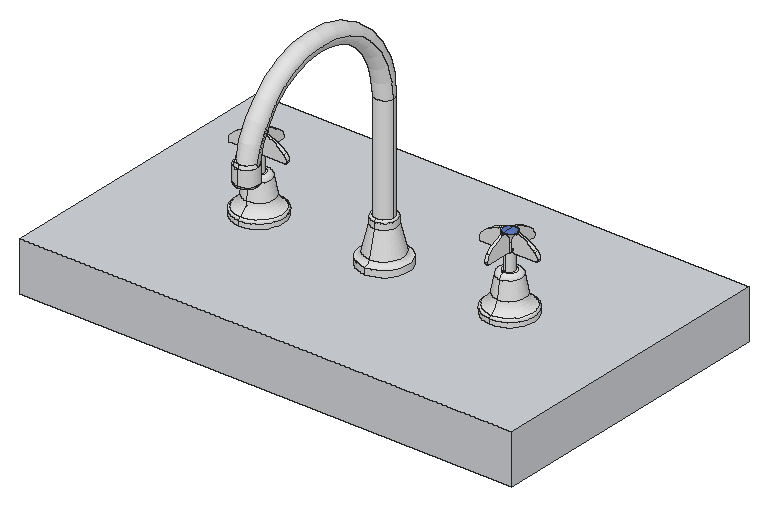
Revit family
Parameters (values of type "49841 (Ceramic Disc)")
  WELSRating_ANZRS = "5 star"
  URL = "www.galvinengineering.com.au"
  Type Comments = "Vendal Resistant"
  StyleOrType_ANZRS = "Plumbing Fixture"
  Seating = "1/2 Turn Ceramic Disc"
  PlumbingMaterial_ANZRS = Metal_Taps_DR-Brass-with-Chrome-Finish_10800
  Outlet = "Gooseneck Swivel Spout with Aerator"
  ModifiedIssue_ANZRS = 20120629.01  # constant formula
  Model = "49841"
  Manufacturer = "Galvin Engineering"
  Keynote = "15400"
  Instructions = "http://www.galvinengineering.com.au/Installation_Guides_1.aspx"
  Inlet = "15mm BSP"
  FlowRate = 0.10 L/s
  FilterObject_ANZRS = "Vendal Resistant"
  DimWidth = 255 mm  # constant formula
  DimInletRadius = 7.5 mm  # constant formula
  DimHeight = 250 mm  # constant formula
  DimDepth = 175 mm  # constant formula
  Description = "Vandal Resistant Hob Sink Set - Ceramic Disc"
  Default Elevation = 900 mm
  CreatedBy_ANZRS = "Galvin Engineering"  # constant formula
  CreatedByURL_ANZRS = "www.galvinengineering.com.au"
  CreatedByPhoneNo_ANZRS = "61-8-92495900"  # constant formula
  Assembly Code = "D2010"
Types (3, lengths in mm): name | Seating | Model | Description
  (no name) | "1/2 Turn Ceramic Disc" | "49841" | "Vandal Resistant Hob Sink Set - Ceramic Disc"
  49940 (Jumper Valve) | "Jumper Valve" | "49940" | "Vandal Resistant Hob Sink Set - Jumper Valve"
  49841 (Ceramic Disc) | "1/2 Turn Ceramic Disc" | "49841" | "Vandal Resistant Hob Sink Set - Ceramic Disc"
Reference planes
  plane 1 "Back": y = 0
  plane 2 "Face": z = 0
  plane 3 "Center (Left/Right)": x = 0
  plane 4 "Left": x = -127.5
  plane 5 "Right": x = 127.5
  plane 6 "Top": z = 250
  plane 7 "Front": y = -175
  plane 8: z = 150
Forms (mm)
  Extrusion 1, solid
    sketch origin (0, -719.2, 0) x (1, 0, 0) y (0, 1, 0)
      loop
        line (-250, 869.2) -> (-250, 569.2) -> (250, 569.2) -> (250, 869.2) -> (-250, 869.2)
    from 0 to -50
  Revolve 2, solid, material "Metal_Taps_DR-Brass-with-Chrome-Finish_10800" <- "PlumbingMaterial_ANZRS"
    sketch origin (-127.5, 0, 0) x (0, 1, 0) y (0, 0, 1)
      loop
        line (0, 74.436) -> (-7.407, 74.436)
        arc (-7.407, 74.436) -> (-3.989, 70.707) -> (-2.75, 65.802) r 10.333
        line (-2.75, 65.802) -> (-2.75, 56.036) -> (-4.919, 56.036) -> (-4.919, 39) -> (-7.33, 39)
        arc (-7.33, 39) -> (-10.552, 37.823) -> (-12.258, 34.846) r 5
        line (-12.258, 34.846) -> (-15.129, 18.129)
        arc (-15.129, 18.129) -> (-17.907, 11.675) -> (-23.319, 7.195) r 15
        arc (-23.319, 7.195) -> (-24.545, 6.088) -> (-25, 4.5) r 3
        line (-25, 4.5) -> (-25, 0) -> (0, 0) -> (0, 74.436)
      axis (0, 0) -> (0, 74.436)
    angle from 0 to 360
  Extrusion 3, solid, material "Metal_Taps_DR-Brass-with-Chrome-Finish_10800" <- "PlumbingMaterial_ANZRS"
    sketch origin (-127.5, 0, 0) x (0, 1, 0) y (0, 0, 1)
      loop
        line (-27.98, 56.036) -> (28.02, 56.036)
        arc (28.02, 56.036) -> (29.11, 56.505) -> (29.518, 57.62) r 1.5
        arc (29.518, 57.62) -> (28.88, 61.161) -> (26.905, 64.169) r 9
        arc (26.905, 64.169) -> (19.204, 70.219) -> (10.263, 74.216) r 40
        arc (10.263, 74.216) -> (9.538, 74.381) -> (8.796, 74.436) r 5
        line (8.796, 74.436) -> (-8.62, 74.436)
        arc (-8.62, 74.436) -> (-9.363, 74.38) -> (-10.09, 74.215) r 5
        arc (-10.09, 74.215) -> (-19.14, 70.144) -> (-26.909, 63.971) r 40
        arc (-26.909, 63.971) -> (-28.831, 61.029) -> (-29.479, 57.576) r 9
        arc (-29.479, 57.576) -> (-29.054, 56.49) -> (-27.98, 56.036) r 1.5
    from -1.5 to 1.5
  Revolve 4, solid, material "Plastic_Taps_Red_10800"
    sketch origin (-127.5, 0, 0) x (0, 1, 0) y (0, 0, 1)
      loop
        line (0, 74.436) -> (0, 75.522)
        spline (0, 75.522) -> (-0.816, 75.513) -> (-1.618, 75.485) -> (-2.392, 75.44) -> (-3.125, 75.377) -> (-3.805, 75.298) -> (-4.419, 75.204) -> (-4.958, 75.097) -> (-5.413, 74.979) -> (-5.774, 74.852) -> (-6.037, 74.717) -> (-6.197, 74.578) -> (-6.25, 74.436)
        line (-6.25, 74.436) -> (0, 74.436)
      axis (0, 74.436) -> (0, 75.522)
    angle from 0 to 360
  Extrusion 5, solid, material "Metal_Taps_DR-Brass-with-Chrome-Finish_10800" <- "PlumbingMaterial_ANZRS"
    sketch origin (0, 0, 0) x (1, 0, 0) y (0, 0, 1)
      loop
        arc (-99.501, 56.036) -> (-98.426, 56.49) -> (-98.001, 57.576) r 1.5
        arc (-98.001, 57.576) -> (-98.65, 61.029) -> (-100.571, 63.971) r 9
        arc (-100.571, 63.971) -> (-108.341, 70.144) -> (-117.391, 74.215) r 40
        arc (-117.391, 74.215) -> (-118.117, 74.38) -> (-118.86, 74.436) r 5
        line (-118.86, 74.436) -> (-136.277, 74.436)
        arc (-136.277, 74.436) -> (-137.018, 74.381) -> (-137.743, 74.216) r 5
        arc (-137.743, 74.216) -> (-146.684, 70.219) -> (-154.385, 64.169) r 40
        arc (-154.385, 64.169) -> (-156.36, 61.161) -> (-156.999, 57.62) r 9
        arc (-156.999, 57.62) -> (-156.591, 56.505) -> (-155.501, 56.036) r 1.5
        line (-155.501, 56.036) -> (-99.501, 56.036)
    from -1.5 to 1.5
  Revolve 6, solid, material "Metal_Taps_DR-Brass-with-Chrome-Finish_10800" <- "PlumbingMaterial_ANZRS"
    sketch origin (127.5, 0, 0) x (0, 1, 0) y (0, 0, -1)
      loop
        line (0, -74.436) -> (0, 0) -> (-25, 0) -> (-25, -4.5)
        arc (-25, -4.5) -> (-24.545, -6.088) -> (-23.319, -7.195) r 3
        arc (-23.319, -7.195) -> (-17.907, -11.675) -> (-15.129, -18.129) r 15
        line (-15.129, -18.129) -> (-12.258, -34.846)
        arc (-12.258, -34.846) -> (-10.552, -37.823) -> (-7.33, -39) r 5
        line (-7.33, -39) -> (-4.919, -39) -> (-4.919, -56.036) -> (-2.75, -56.036) -> (-2.75, -65.802)
        arc (-2.75, -65.802) -> (-3.989, -70.707) -> (-7.407, -74.436) r 10.333
        line (-7.407, -74.436) -> (0, -74.436)
      axis (0, 0) -> (0, -74.436)
    angle from 0 to 360
  Extrusion 7, solid, material "Metal_Taps_DR-Brass-with-Chrome-Finish_10800" <- "PlumbingMaterial_ANZRS"
    sketch origin (127.5, 0, 0) x (0, 1, 0) y (0, 0, -1)
      loop
        arc (-27.98, -56.036) -> (-29.054, -56.49) -> (-29.479, -57.576) r 1.5
        arc (-29.479, -57.576) -> (-28.831, -61.029) -> (-26.909, -63.971) r 9
        arc (-26.909, -63.971) -> (-19.14, -70.144) -> (-10.09, -74.215) r 40
        arc (-10.09, -74.215) -> (-9.363, -74.38) -> (-8.62, -74.436) r 5
        line (-8.62, -74.436) -> (8.796, -74.436)
        arc (8.796, -74.436) -> (9.538, -74.381) -> (10.263, -74.216) r 5
        arc (10.263, -74.216) -> (19.204, -70.219) -> (26.905, -64.169) r 40
        arc (26.905, -64.169) -> (28.88, -61.161) -> (29.518, -57.62) r 9
        arc (29.518, -57.62) -> (29.11, -56.505) -> (28.02, -56.036) r 1.5
        line (28.02, -56.036) -> (-27.98, -56.036)
    from -1.5 to 1.5
  Revolve 8, solid, material "Plastic_Taps_Blue_10800"
    sketch origin (127.5, 0, 0) x (0, 1, 0) y (0, 0, -1)
      loop
        line (0, -74.436) -> (-6.25, -74.436)
        spline (-6.25, -74.436) -> (-6.197, -74.578) -> (-6.037, -74.717) -> (-5.774, -74.852) -> (-5.413, -74.979) -> (-4.958, -75.097) -> (-4.419, -75.204) -> (-3.805, -75.298) -> (-3.125, -75.377) -> (-2.392, -75.44) -> (-1.618, -75.485) -> (-0.816, -75.513) -> (0, -75.522)
        line (0, -75.522) -> (0, -74.436)
      axis (0, -74.436) -> (0, -75.522)
    angle from 0 to 360
  Extrusion 9, solid, material "Metal_Taps_DR-Brass-with-Chrome-Finish_10800" <- "PlumbingMaterial_ANZRS"
    sketch origin (0, 0, 0) x (-1, 0, 0) y (0, 0, -1)
      loop
        line (-99.501, -56.036) -> (-155.501, -56.036)
        arc (-155.501, -56.036) -> (-156.591, -56.505) -> (-156.999, -57.62) r 1.5
        arc (-156.999, -57.62) -> (-156.36, -61.161) -> (-154.385, -64.169) r 9
        arc (-154.385, -64.169) -> (-146.684, -70.219) -> (-137.743, -74.216) r 40
        arc (-137.743, -74.216) -> (-137.018, -74.381) -> (-136.277, -74.436) r 5
        line (-136.277, -74.436) -> (-118.86, -74.436)
        arc (-118.86, -74.436) -> (-118.117, -74.38) -> (-117.391, -74.215) r 5
        arc (-117.391, -74.215) -> (-108.341, -70.144) -> (-100.571, -63.971) r 40
        arc (-100.571, -63.971) -> (-98.65, -61.029) -> (-98.001, -57.576) r 9
        arc (-98.001, -57.576) -> (-98.426, -56.49) -> (-99.501, -56.036) r 1.5
    from -1.5 to 1.5
  Revolve 10, solid, material "Metal_Taps_DR-Brass-with-Chrome-Finish_10800" <- "PlumbingMaterial_ANZRS"
    sketch origin (0, 0, 0) x (0, 1, 0) y (0, 0, 1)
      loop
        line (0, 44.5) -> (-10, 44.5)
        arc (-10, 44.5) -> (-11.414, 43.914) -> (-12, 42.5) r 2
        line (-12, 42.5) -> (-12, 36.5) -> (-18.433, 11.031)
        arc (-18.433, 11.031) -> (-20.563, 7.766) -> (-24.25, 6.5) r 6
        line (-24.25, 6.5) -> (-24.25, 0) -> (0, 0) -> (0, 44.5)
      axis (0, 0) -> (0, 44.5)
    angle from 0 to 360
  Sweep 11, solid, material "Metal_Taps_DR-Brass-with-Chrome-Finish_10800" <- "PlumbingMaterial_ANZRS"
    path origin (0, 0, 0) x (0, 1, 0) y (0, 0, 1)
      loop
        arc (-173.873, 167) -> (-80.477, 240.218) -> (0, 153) r 87.5
        line (0, 153) -> (0, 44.5)
    profile origin (0, 0, 98.75) x (1, 0, 0) y (0, 1, 0)
      loop
        circle (0, 0) r 9.5
  Revolve 12, solid, material "Metal_Taps_DR-Brass-with-Chrome-Finish_10800" <- "PlumbingMaterial_ANZRS"
    sketch origin (0, 0, 0) x (0, 1, 0) y (0, 0, 1)
      loop
        line (-186.7, 167) -> (-186.7, 151.5)
        arc (-186.7, 151.5) -> (-186.261, 150.439) -> (-185.2, 150) r 1.5
        line (-185.2, 150) -> (-183.7, 150) -> (-183.7, 167) -> (-175, 167) -> (-175, 170) -> (-184.436, 170) -> (-185.5, 167) -> (-186.7, 167)
      axis (-175, 170) -> (-175, 150)
    angle from 0 to 360
Dimensions and locks
  "DimHeight": plane 2 "Face" to plane 6 "Top"
  "DimWidth": plane 4 "Left" to plane 5 "Right"
  "DimDepth": plane 1 "Back" to plane 7 "Front"
  locked: plane 8 to plane 2 "Face" at 150
  aligned and locked: plane 2 "Face" to Extrusion 1
  aligned and locked: level to Extrusion 1
Automatic sketch dimensions
  Extrusion 1 sketch curve to Extrusion 1 sketch curve = 500 mm
  Extrusion 1 sketch curve to Extrusion 1 sketch curve = 300 mm
  Revolve 2 sketch curve to level = 0 mm
  Revolve 2 sketch curve to plane 1 "Back" = 0 mm  (x2)
  plane 1 "Back" to Revolve 2 sketch curve = 2.75 mm
  plane 1 "Back" to Revolve 2 sketch curve = 4.919 mm
  Revolve 2 sketch curve to Revolve 2 sketch curve = 2.411 mm
  plane 1 "Back" to Revolve 2 sketch curve = 7.407 mm
  Revolve 2 sketch curve to Revolve 2 sketch curve = 4.928 mm
  Revolve 2 sketch curve to Revolve 2 sketch curve = 10.333 mm
  plane 1 "Back" to Revolve 2 sketch curve = 15.129 mm
  level to Revolve 2 sketch curve = 4.5 mm
  Revolve 2 sketch curve to Revolve 2 sketch curve = 6.871 mm
  Revolve 2 sketch curve to Revolve 2 sketch curve = 1.319 mm
  Revolve 2 sketch curve to Revolve 2 sketch curve = 0 mm
  Revolve 2 sketch curve to Revolve 2 sketch curve = 3 mm
  Revolve 2 sketch curve to Revolve 2 sketch curve = 14.784 mm
  Revolve 2 sketch curve to Revolve 2 sketch curve = 14.703 mm
  Revolve 2 sketch curve to Revolve 2 sketch curve = 15.871 mm
  Revolve 2 sketch curve to Revolve 2 sketch curve = 0.846 mm
  Revolve 2 sketch curve to Revolve 2 sketch curve = 17.036 mm
  Revolve 2 sketch curve to Revolve 2 sketch curve = 9.766 mm
  Revolve 2 sketch curve to Revolve 2 sketch curve = 8.161 mm
  plane 1 "Back" to Extrusion 3 sketch curve = 29.479 mm
  Extrusion 3 sketch curve to Extrusion 3 sketch curve = 1.499 mm
  Extrusion 3 sketch curve to Extrusion 3 sketch curve = 1.07 mm
  Extrusion 3 sketch curve to Extrusion 3 sketch curve = 0 mm  (x4)
  Extrusion 3 sketch curve to Extrusion 3 sketch curve = 7.5 mm  (x2)
  plane 1 "Back" to Extrusion 3 sketch curve = 10.09 mm
  Extrusion 3 sketch curve to Extrusion 3 sketch curve = 1.47 mm
  plane 1 "Back" to Extrusion 3 sketch curve = 1.47 mm
  Extrusion 3 sketch curve to plane 1 "Back" = 1.667 mm
  Extrusion 3 sketch curve to plane 1 "Back" = 8.796 mm
  Extrusion 3 sketch curve to Extrusion 3 sketch curve = 1.467 mm
  Extrusion 3 sketch curve to Extrusion 3 sketch curve = 11.724 mm
  Extrusion 3 sketch curve to Extrusion 3 sketch curve = 6.384 mm
  Extrusion 3 sketch curve to Extrusion 3 sketch curve = 1.498 mm
  level to Extrusion 3 sketch curve = 35.976 mm
  Extrusion 3 sketch curve to Extrusion 3 sketch curve = 0.006 mm
  Extrusion 3 sketch curve to Extrusion 3 sketch curve = 20.054 mm
  Extrusion 3 sketch curve to Extrusion 3 sketch curve = 1.5 mm
  Revolve 4 sketch curve to plane 1 "Back" = 0 mm  (x2)
  plane 1 "Back" to Revolve 4 sketch curve = 6.25 mm
  level to Revolve 4 sketch curve = 68.546 mm
  Revolve 4 sketch curve to Revolve 4 sketch curve = 5.89 mm
  Revolve 4 sketch curve to Revolve 4 sketch curve = 1.086 mm
  Revolve 4 sketch curve to Revolve 4 sketch curve = 6.727 mm
  Extrusion 5 sketch curve to plane 4 "Left" = 29.499 mm
  Extrusion 5 sketch curve to Extrusion 5 sketch curve = 1.498 mm
  Extrusion 5 sketch curve to Extrusion 5 sketch curve = 1.116 mm
  Extrusion 5 sketch curve to Extrusion 5 sketch curve = 0 mm  (x4)
  Extrusion 5 sketch curve to Extrusion 5 sketch curve = 7.5 mm  (x2)
  Extrusion 5 sketch curve to plane 4 "Left" = 10.243 mm
  Extrusion 5 sketch curve to Extrusion 5 sketch curve = 1.467 mm
  Extrusion 5 sketch curve to plane 4 "Left" = 1.647 mm
  plane 4 "Left" to Extrusion 5 sketch curve = 1.49 mm
  plane 4 "Left" to Extrusion 5 sketch curve = 8.64 mm
  Extrusion 5 sketch curve to Extrusion 5 sketch curve = 1.47 mm
  Extrusion 5 sketch curve to Extrusion 5 sketch curve = 11.859 mm
  Extrusion 5 sketch curve to Extrusion 5 sketch curve = 6.43 mm
  Extrusion 5 sketch curve to Extrusion 5 sketch curve = 1.499 mm
  level to Extrusion 5 sketch curve = 35.976 mm
  Extrusion 5 sketch curve to Extrusion 5 sketch curve = 0.006 mm
  Extrusion 5 sketch curve to Extrusion 5 sketch curve = 20.054 mm
  Extrusion 5 sketch curve to Extrusion 5 sketch curve = 1.5 mm
  Revolve 6 sketch curve to level = 0 mm
  Revolve 6 sketch curve to plane 1 "Back" = 0 mm  (x2)
  plane 1 "Back" to Revolve 6 sketch curve = 2.75 mm
  plane 1 "Back" to Revolve 6 sketch curve = 4.919 mm
  Revolve 6 sketch curve to Revolve 6 sketch curve = 2.411 mm
  plane 1 "Back" to Revolve 6 sketch curve = 7.407 mm
  Revolve 6 sketch curve to Revolve 6 sketch curve = 4.928 mm
  Revolve 6 sketch curve to Revolve 6 sketch curve = 10.333 mm
  plane 1 "Back" to Revolve 6 sketch curve = 15.129 mm
  level to Revolve 6 sketch curve = 4.5 mm
  Revolve 6 sketch curve to Revolve 6 sketch curve = 6.871 mm
  Revolve 6 sketch curve to Revolve 6 sketch curve = 1.319 mm
  Revolve 6 sketch curve to Revolve 6 sketch curve = 0 mm
  Revolve 6 sketch curve to Revolve 6 sketch curve = 3 mm
  Revolve 6 sketch curve to Revolve 6 sketch curve = 14.784 mm
  Revolve 6 sketch curve to Revolve 6 sketch curve = 15.871 mm
  Revolve 6 sketch curve to Revolve 6 sketch curve = 0.846 mm
  Revolve 6 sketch curve to Revolve 6 sketch curve = 17.036 mm
  Revolve 6 sketch curve to Revolve 6 sketch curve = 9.766 mm
  Revolve 6 sketch curve to Revolve 6 sketch curve = 8.161 mm
  Revolve 6 sketch curve to Revolve 6 sketch curve = 14.703 mm
  plane 1 "Back" to Extrusion 7 sketch curve = 29.479 mm
  Extrusion 7 sketch curve to Extrusion 7 sketch curve = 1.499 mm
  Extrusion 7 sketch curve to Extrusion 7 sketch curve = 1.07 mm
  Extrusion 7 sketch curve to Extrusion 7 sketch curve = 0 mm  (x4)
  Extrusion 7 sketch curve to Extrusion 7 sketch curve = 7.5 mm  (x2)
  plane 1 "Back" to Extrusion 7 sketch curve = 10.09 mm
  Extrusion 7 sketch curve to Extrusion 7 sketch curve = 1.47 mm
  plane 1 "Back" to Extrusion 7 sketch curve = 1.47 mm
  Extrusion 7 sketch curve to plane 1 "Back" = 1.667 mm
  Extrusion 7 sketch curve to plane 1 "Back" = 8.796 mm
  Extrusion 7 sketch curve to Extrusion 7 sketch curve = 1.467 mm
  Extrusion 7 sketch curve to Extrusion 7 sketch curve = 11.724 mm
  Extrusion 7 sketch curve to Extrusion 7 sketch curve = 6.384 mm
  Extrusion 7 sketch curve to Extrusion 7 sketch curve = 1.498 mm
  level to Extrusion 7 sketch curve = 74.436 mm
  Extrusion 7 sketch curve to Extrusion 7 sketch curve = 0.22 mm
  Extrusion 7 sketch curve to Extrusion 7 sketch curve = 0.221 mm
  Extrusion 7 sketch curve to Extrusion 7 sketch curve = 0.084 mm
  Revolve 8 sketch curve to plane 1 "Back" = 0 mm  (x2)
  plane 1 "Back" to Revolve 8 sketch curve = 6.25 mm
  level to Revolve 8 sketch curve = 82.25 mm
  Revolve 8 sketch curve to Revolve 8 sketch curve = 6.727 mm
  Revolve 8 sketch curve to Revolve 8 sketch curve = 1.086 mm
  Revolve 8 sketch curve to Revolve 8 sketch curve = 5.89 mm
  plane 5 "Right" to Extrusion 9 sketch curve = 29.499 mm
  Extrusion 9 sketch curve to Extrusion 9 sketch curve = 1.498 mm
  Extrusion 9 sketch curve to Extrusion 9 sketch curve = 1.116 mm
  Extrusion 9 sketch curve to Extrusion 9 sketch curve = 0 mm  (x4)
  Extrusion 9 sketch curve to Extrusion 9 sketch curve = 7.5 mm  (x2)
  plane 5 "Right" to Extrusion 9 sketch curve = 10.243 mm
  Extrusion 9 sketch curve to Extrusion 9 sketch curve = 1.467 mm
  plane 5 "Right" to Extrusion 9 sketch curve = 1.647 mm
  Extrusion 9 sketch curve to plane 5 "Right" = 1.49 mm
  Extrusion 9 sketch curve to plane 5 "Right" = 8.64 mm
  Extrusion 9 sketch curve to Extrusion 9 sketch curve = 1.47 mm
  Extrusion 9 sketch curve to Extrusion 9 sketch curve = 11.859 mm
  Extrusion 9 sketch curve to Extrusion 9 sketch curve = 6.43 mm
  Extrusion 9 sketch curve to Extrusion 9 sketch curve = 1.499 mm
  Extrusion 9 sketch curve to level = 35.976 mm
  Extrusion 9 sketch curve to Extrusion 9 sketch curve = 0.006 mm
  Extrusion 9 sketch curve to Extrusion 9 sketch curve = 20.054 mm
  Extrusion 9 sketch curve to Extrusion 9 sketch curve = 1.5 mm
  Sweep 11 sketch curve to plane 3 "Center (Left/Right)" = 0 mm
  profile plane to Sweep 11 sketch curve = 0 mm
  Revolve 10 sketch curve to level = 0 mm
  Revolve 10 sketch curve to plane 1 "Back" = 0 mm  (x2)
  Revolve 10 sketch curve to Revolve 10 sketch curve = 10 mm
  Revolve 10 sketch curve to Revolve 10 sketch curve = 2 mm
  plane 1 "Back" to Revolve 10 sketch curve = 18.433 mm
  Revolve 10 sketch curve to Revolve 10 sketch curve = 5.817 mm
  Revolve 10 sketch curve to Revolve 10 sketch curve = 6.5 mm
  Revolve 10 sketch curve to Revolve 10 sketch curve = 4.531 mm
  Revolve 10 sketch curve to Revolve 10 sketch curve = 14.703 mm
  Revolve 10 sketch curve to Revolve 10 sketch curve = 21.797 mm
  Revolve 10 sketch curve to Revolve 10 sketch curve = 6 mm
  Revolve 10 sketch curve to Revolve 10 sketch curve = 18.648 mm
  Sweep 11 sketch curve to plane 1 "Back" = 0 mm
  plane 8 to Sweep 11 sketch curve = 3 mm
  plane 1 "Back" to Sweep 11 sketch curve = 87.5 mm
  Sweep 11 sketch curve to plane 7 "Front" = 1.127 mm
  level to Sweep 11 sketch curve = 44.5 mm
  Revolve 12 sketch curve to plane 8 = 0 mm
  Revolve 12 sketch curve to plane 7 "Front" = 0 mm  (x2)
  Revolve 12 sketch curve to Revolve 12 sketch curve = 8.7 mm
  Revolve 12 sketch curve to Revolve 12 sketch curve = 0.736 mm
  Revolve 12 sketch curve to Revolve 12 sketch curve = 1.5 mm
  Revolve 12 sketch curve to Revolve 12 sketch curve = 1.8 mm
  plane 8 to Revolve 12 sketch curve = 1.5 mm
  Revolve 12 sketch curve to plane 8 = 3.625 mm
  plane 8 to Revolve 12 sketch curve = 11.375 mm
  Revolve 12 sketch curve to Revolve 12 sketch curve = 5.625 mm
  Revolve 12 sketch curve to Revolve 12 sketch curve = 0 mm
  Revolve 12 sketch curve to Revolve 12 sketch curve = 3 mm
  radius of Sweep 11 sketch curve = 9.5 mm
Connectors
  piping at (0, 0, 0), driven by "FlowRate", driven by "DimInletRadius"
    settings: on Revolve 10, index 1, connector radius 0.29528", flow factor 0, pipe flow 0.10 L/s, pressure drop 0.00 psi, fitting loss kfactor 0, connector angle 0.00°, fixture units 0, flow configuration 1, flow direction 1, fitting loss method 4, system type 20, connector reference index -1, connector utility 0, adjustable connector no, is connector primary yes, fitting loss table "", connector description "Inlet"
